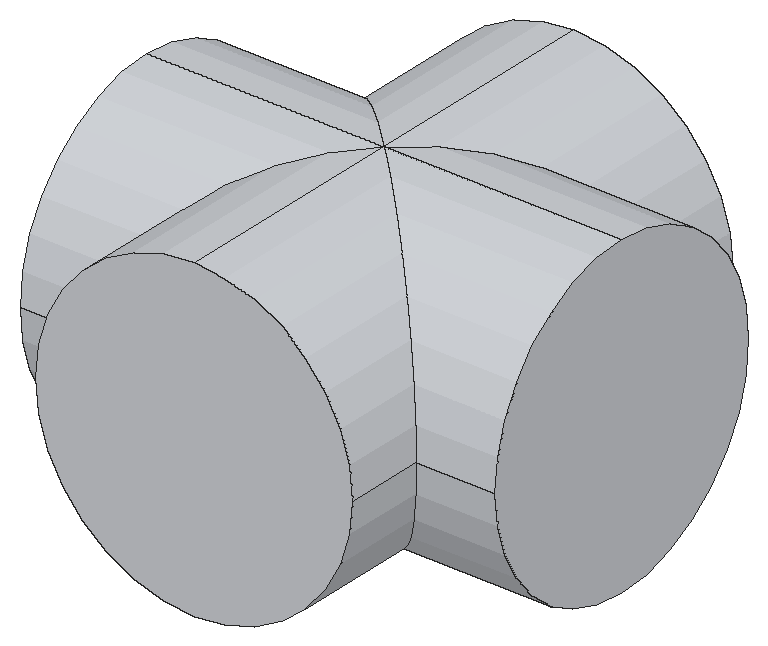
Revit family "4aa9dbbf12dc4309bedcca1cd07d6717", category Duct Fittings, Revit 2021
Family settings
  Round Connector Dimension = Use Radius
  Part Type = Cross
  OmniClass Number = 23.75.70.14
  OmniClass Title = Air Ductwork
  Seek Item ID = Round Cross-0000-USA-ENU
  Work Plane-Based = No
  Always vertical = Yes
  Cut with Voids When Loaded = No
  Shared = No
Parameters (values of type "Standard")
  Shoulder [instance] = 3"
  Duct Radius 4 [instance] = 6"
  Duct Radius 3 [instance] = 6"
  Duct Radius 1 [instance] = 6"
  Duct Length 3 [instance] = Duct Radius 1 + Shoulder  # 9"
  Duct Length 1 [instance] = if(Duct Radius 3 > Duct Radius 4, Duct Radius 3 + Shoulder, Duct Radius 4 + Shoulder)  # 9"
  Duct Diameter 4 [instance] = Duct Radius 4 * 2  # 12"
  Duct Diameter 3 [instance] = Duct Radius 3 * 2  # 12"
  Duct Diameter 1 [instance] = Duct Radius 1 * 2  # 12"
  Default Elevation = 0' - 0"
  Assembly Code = ""
Reference planes (in)
  plane 1 "Center (Front/Back)": y = 0
  plane 2: z = 0
  plane 3 "Center (Left/Right)": x = 0
  plane 4: y = 9
  plane 5: y = -9
  plane 6: x = -9
  plane 7: x = 9
Forms (in)
  Sweep 1, solid, detail levels medium+fine
    path in 3D
      loop
        line (-9, 0, 0) -> (0, 0, 0)
    profile "Duct - Round : Duct - Round" origin (-4.5, 0, 0) x (0, 1, 0) y (0, 0, 1)
      loop
        arc (-6, 0) -> (-4.24264, -4.24264) -> (0, -6) r 6
        arc (0, -6) -> (4.24264, -4.24264) -> (6, 0) r 6
        arc (6, 0) -> (4.24264, 4.24264) -> (0, 6) r 6
        arc (0, 6) -> (-4.24264, 4.24264) -> (-6, 0) r 6
  Sweep 2, solid, detail levels medium+fine
    path in 3D
      loop
        line (0, 0, 0) -> (9, 0, 0)
    profile "Duct - Round : Duct - Round" origin (4.5, 0, 0) x (0, 1, 0) y (0, 0, 1)
      loop
        arc (-6, 0) -> (-4.24264, -4.24264) -> (0, -6) r 6
        arc (0, -6) -> (4.24264, -4.24264) -> (6, 0) r 6
        arc (6, 0) -> (4.24264, 4.24264) -> (0, 6) r 6
        arc (0, 6) -> (-4.24264, 4.24264) -> (-6, 0) r 6
  Sweep 3, solid, detail levels medium+fine
    path in 3D
      loop
        line (0, 9, 0) -> (0, 0, 0)
    profile "Duct - Round : Duct - Round 3" origin (0, 4.5, 0) x (1, 0, 0) y (0, 0, 1)
      loop
        arc (-6, 0) -> (-4.24264, -4.24264) -> (0, -6) r 6
        arc (0, -6) -> (4.24264, -4.24264) -> (6, 0) r 6
        arc (6, 0) -> (4.24264, 4.24264) -> (0, 6) r 6
        arc (0, 6) -> (-4.24264, 4.24264) -> (-6, 0) r 6
  Sweep 4, solid, detail levels medium+fine
    path in 3D
      loop
        line (0, -9, 0) -> (0, 0, 0)
    profile "Duct - Round : Duct - Round 4" origin (0, -4.5, 0) x (-1, 0, 0) y (0, 0, 1)
      loop
        arc (-6, 0) -> (-4.24264, -4.24264) -> (0, -6) r 6
        arc (0, -6) -> (4.24264, -4.24264) -> (6, 0) r 6
        arc (6, 0) -> (4.24264, 4.24264) -> (0, 6) r 6
        arc (0, 6) -> (-4.24264, 4.24264) -> (-6, 0) r 6
Cuts and joins
  joined: Sweep 1, Sweep 2, Sweep 3, Sweep 4
Lines and regions (in)
  reference lines
    curve 1: line (-9, 0, 0) -> (0, 0, 0)
    curve 2: line (0, 0, 0) -> (9, 0, 0)
    curve 3: line (0, 9, 0) -> (0, 0, 0)
    curve 4: line (0, -9, 0) -> (0, 0, 0)
  sketch lines
    curve 5: line (-9, 0, 0) -> (0, 0, 0)
    curve 6: line (0, 0, 0) -> (9, 0, 0)
    curve 7: line (0, 9, 0) -> (0, 0, 0)
    curve 8: line (0, -9, 0) -> (0, 0, 0)
  model lines, style "DuctFitting", detail levels coarse
    curve 9: line (-9, 0, 0) -> (0, 0, 0)
    curve 10: line (0, 0, 0) -> (9, 0, 0)
    curve 11: line (0, 9, 0) -> (0, 0, 0)
    curve 12: line (0, -9, 0) -> (0, 0, 0)
Dimensions and locks (in)
  equal spacing: plane 6, plane 3 "Center (Left/Right)", plane 7
  equal spacing: plane 5, plane 1 "Center (Front/Back)", plane 4
  "Duct Length 1": plane 6 to plane 3 "Center (Left/Right)"
  "Duct Length 3": plane 1 "Center (Front/Back)" to plane 4
  aligned and locked: plane 3 "Center (Left/Right)" to curve 1
  aligned and locked: plane 6 to curve 1
  aligned and locked: plane 1 "Center (Front/Back)" to curve 1
  aligned and locked: plane 7 to curve 2
  aligned and locked: plane 1 "Center (Front/Back)" to curve 2
  aligned and locked: plane 5 to curve 4
  aligned and locked: plane 3 "Center (Left/Right)" to curve 4
  aligned and locked: plane 4 to curve 3
  aligned and locked: curve 3 to plane 3 "Center (Left/Right)"
  aligned and locked: curve 9 to curve 1
  aligned and locked: curve 10 to curve 2
  aligned and locked: curve 11 to curve 3
  aligned and locked: curve 12 to curve 4
Automatic sketch dimensions
  curve 9 to plane 6 = 0' - 0"
  curve 10 to plane 7 = 0' - 0"
  curve 11 to plane 4 = 0' - 0"
  curve 12 to plane 5 = 0' - 0"
Connectors (in)
  hvac at (-9, 0, 0), driven by "Duct Radius 1"
    settings: on cut or joined group of Sweep 1, Sweep 2, Sweep 3, Sweep 4, index 1, duct flow 0 CFM, flow factor 0, pres drop 0.00 in-wg, loss coef 0, conn angle 0.00°, conn width 12", conn height 12", conn diameter 12", duct sys type 28, conn prof type 0, flow config 0, flow direction 0, loss method 0, conn ref index 2, conn util no, is conn primary yes, conn desc ""
  hvac at (9, 0, 0), driven by "Duct Radius 1"
    settings: on cut or joined group of Sweep 1, Sweep 2, Sweep 3, Sweep 4, index 2, duct flow 0 CFM, flow factor 0, pres drop 0.00 in-wg, loss coef 0, conn angle 0.00°, conn width 12", conn height 12", conn diameter 12", duct sys type 28, conn prof type 0, flow config 0, flow direction 0, loss method 0, conn ref index 1, conn util no, is conn primary no, conn desc ""
  hvac at (0, 9, 0), driven by "Duct Radius 3"
    settings: on cut or joined group of Sweep 1, Sweep 2, Sweep 3, Sweep 4, index 3, duct flow 0 CFM, flow factor 0, pres drop 0.00 in-wg, loss coef 0, conn angle 0.00°, conn width 12", conn height 12", conn diameter 12", duct sys type 28, conn prof type 0, flow config 0, flow direction 0, loss method 0, conn ref index 4, conn util no, is conn primary no, conn desc ""
  hvac at (0, -9, 0), driven by "Duct Radius 4"
    settings: on cut or joined group of Sweep 1, Sweep 2, Sweep 3, Sweep 4, index 4, duct flow 0 CFM, flow factor 0, pres drop 0.00 in-wg, loss coef 0, conn angle 0.00°, conn width 12", conn height 12", conn diameter 12", duct sys type 28, conn prof type 0, flow config 0, flow direction 0, loss method 0, conn ref index 3, conn util no, is conn primary no, conn desc ""
